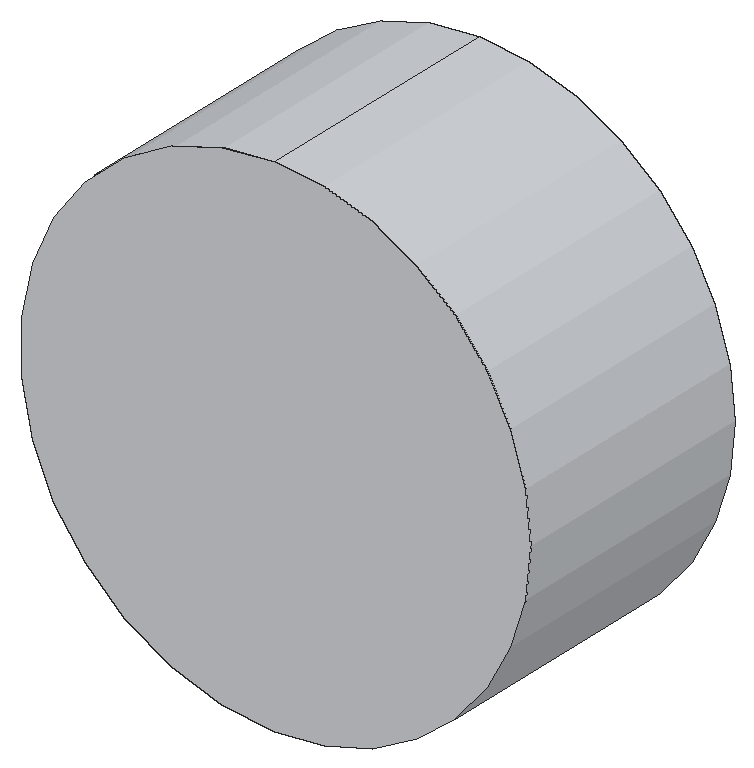
Revit family "MULBH611015", category Generic Models, Revit 2018
Family settings
  Can host rebar = No
  Round Connector Dimension = Use Diameter
  Part Type = Normal
  OmniClass Number = 23.60.30.14
  OmniClass Title = Ducting and Wireways for General Use
  Work Plane-Based = No
  Always vertical = Yes
  Cut with Voids When Loaded = No
  Shared = No
  Room Calculation Point = No
Parameters (values of type "Standard")
  URL = "https://trekput.nl/productPage.php?id=MULBH611015"
  Part Number = "MULBH611015"
  Model = "MULBH611015"
  Manufacturer = "PowerCast"
  Designer = "eugeneraaijmakers"
  Design Status = 1
  Description = "Multiduct 6*110 bend horizontal 15°"
  Date Created = "21-2-2025 21:15:47"
  Author = "eugeneraaijmakers"
Reference planes
  plane 1 "Center (Front/Back)": y = 0
  plane 2: z = 0
  plane 3 "Center (Left/Right)": x = 0
Forms (mm)
  Extrusion 1, solid
    sketch origin (0, 6.35, 0) x (0, 0, -1) y (1, 0, 0)
      loop
        circle (0, 0) r 3.048
    from 0 to -3.048
Dimensions and locks
  aligned and locked: level to plane 2
Connectors
  hvac at (0, 6.35, 0)
    settings: on Extrusion 1, index 1, duct flow 0.0 L/s, flow factor 0, pres drop 0.0 Pa, loss coef 0, conn angle 0.00°, conn width 304.8 mm, conn height 304.8 mm, conn diameter 609.6 mm, duct sys type 4, conn prof type 1, flow config 1, flow direction 1, loss method 0, conn ref index -1, conn util no, is conn primary yes, conn desc "Multiduct6x110 bend 15°"
